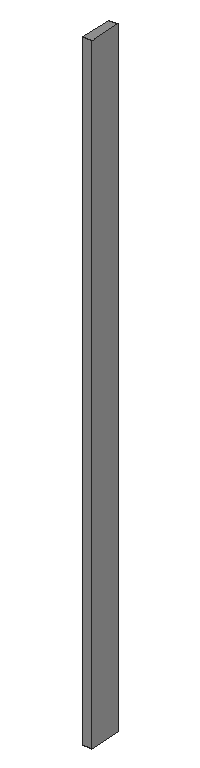
Revit family "EFStud_CenterNew", category Generic Models, host Wall, Revit 2021
Family settings
  Host = Wall
  Can host rebar = No
  Round Connector Dimension = Use Diameter
  Part Type = Normal
  Always vertical = Yes
  Cut with Voids When Loaded = No
  Shared = No
  Room Calculation Point = No
Parameters (values of type "EFStud 2X6")
  w [instance] = b * 0.5  # 0' - 0 3/4"
  Ld [instance] = b * 0.5  # 0' - 0 3/4"
  b = 0' - 1 1/2"
  Material [instance] = Wood
  Height [instance] = 8' - 8 3/32"
  d = 0' - 5 1/2"
  Default Elevation = 0' - 0"
  BWType [instance] = "Stud"
  BWSECID [instance] = "0||WCLIB WWPA|32.21|2|0|0|1600|0|580|0|900|900|625|1350|575|180|0|1.5|4|No. 2|DOUGLAS FIR-LARCH||0||2x6|1.5|5.5|0|1|4"
Types (2): name | d
  EFStud 2X6 | 0' - 5 1/2"
  EFStud 2X4 | 0' - 3 1/2"
Reference planes (in)
  plane 1: y = 0
  plane 2 "Center (Left/Right)": x = 0
  plane 3 "Wall Edge": y = 2.75
  plane 4: x = 1.5
  plane 5: z = 116.09375
  plane 6: x = 0.75
Forms (in)
  Extrusion 1, solid, material "Wood" <- "Material"
    sketch origin (0, 2.75, 0) x (1, 0, 0) y (0, 0, 1)
      loop
        line (0, 104.09375) -> (0, 0) -> (1.5, 0) -> (1.5, 104.09375) -> (0, 104.09375)
    from 0 to 5.5 <- "d"
Text (in)
  text "Placement Side" at (0, 40.15149, 123.01588), in view "Right"
  text "Placement Side" at (-70.3804, 28.46503, 0), in view "Ref. Level"
  text "Placement Side" at (0, 81.62555, 140.59947), in view "Left"
Dimensions and locks (in)
  locked: plane 3 "Wall Edge" to host wall
  plane 5 to level = 9' - 8 3/32"
  "Height": Extrusion 1 sketch curve to Extrusion 1 sketch curve
  "w": plane 6 to plane 4
  "Ld": plane 2 "Center (Left/Right)" to plane 6
Automatic sketch dimensions
  Extrusion 1 sketch curve to plane 2 "Center (Left/Right)" = 0' - 0"
  Extrusion 1 sketch curve to level = 0' - 0"
  Extrusion 1 sketch curve to plane 4 = 0' - 0"
